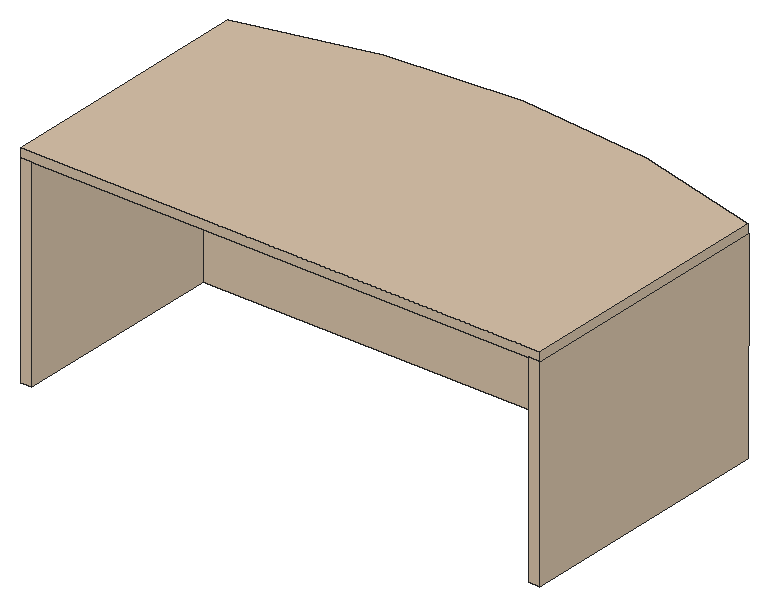
Revit family "Haworth_Masters_Desk_ShellBowFront", category Furniture Systems, Revit 2018
Family settings
  Round Connector Dimension = Use Diameter
  Part Type = Normal
  OmniClass Number = 23.40.70.14.64.21
  OmniClass Title = Systems Furniture
  Work Plane-Based = No
  Always vertical = Yes
  Cut with Voids When Loaded = No
  Shared = No
  Room Calculation Point = No
Parameters (values of type "36d 72w")
  Worksurface Finish [instance] = Haworth _ Wood _ White Oak
  Work Surface = yes
  Width = 72"
  Warranty = "http://www.haworth.com/resources/product-info/warranties"
  URL - Product = "http://www.haworth.com/products/desks/freestanding/masters-series"
  Sustainability Info = "https://www.haworth.com/company-info/sustainability"
  Standard Depths = "36 in."  # constant formula
  Panel Thickness = 3/4"  # constant formula
  Modesty Inset = 5 1/2"  # constant formula
  Model = "Haworth Masters"  # constant formula
  URL = "www.haworth.com"
  Size = "Verify Final Dim. w/ Haworth"  # constant formula
  Revision Number = "1"  # constant formula
  Min. Width = 66"  # constant formula
  Max. Width = 72"  # constant formula
  Manufacturer = "Haworth"  # constant formula
  End Panel Right = yes
  End Panel Left = yes
  Edge Finish [instance] = Haworth _ Wood _ White Oak
  Description = "Haworth - Masters - Desk Bow Top Shell - 36d 72w"
  Custom Size = not(or(Width = 66", Width = 72"))  # no
  Cabinet Finish [instance] = Haworth _ Wood _ White Oak
  Bow Radius = if(Width = 66", 93 47/64", 111")  # 111"
  Author = "Haworth (Alias)"  # constant formula
  Assembly Code = "E2020200"
  Actual Width = if(Width < Min. Width, Min. Width, if(Width > Max. Width, Max. Width, Width))  # 72"
  Actual Height = 29 1/8"  # constant formula
  Actual Depth = 36"  # constant formula
  Standard Widths = "66, 72 in."  # constant formula
Types (2): name | Width | Description | Bow Radius | Actual Width
  36d 66w | 66" | "Haworth - Masters - Desk Bow Top Shell - 36d 66w" | 93 47/64" | 66"
  36d 72w | 72" | "Haworth - Masters - Desk Bow Top Shell - 36d 72w" | 111" | 72"
Reference planes (in)
  plane 1 "Back": y = -10
  plane 2: z = 0
  plane 3 "Center L/R": x = 29.0625
  plane 4 "Top": z = 29.125
  plane 5 "Bottom of Top": z = 27.875
  plane 6 "Front": y = -46
  plane 7 "Left Side": x = -6.9375
  plane 8 "Right Side": x = 65.0625
  plane 9: x = 63.53125
  plane 10: x = -5.40625
  plane 11 "Modesty Front": y = -15.5
  plane 12 "Modesty Back": y = -16.25
  plane 13 "Center F/B": y = -28
  plane 14: y = -4
Forms (in)
  Extrusion 1, solid, material "Haworth _ Wood _ White Oak" <- "Worksurface Finish", visible <- "Work Surface"
    sketch origin (0, 0, 29.125) x (0, 1, 0) y (-1, 0, 0)
      loop
        line (-46, 6.9375) -> (-46, -65.0625) -> (-10, -65.0625)
        arc (-10, -65.0625) -> (-4, -29.0625) -> (-10, 6.9375) r 111
        line (-10, 6.9375) -> (-46, 6.9375)
    from 0 to -1.25
  Extrusion 2, solid, material "Haworth _ Wood _ White Oak" <- "Cabinet Finish"
    sketch origin (0, -5.5, 0) x (1, 0, 0) y (0, 1, 0)
      loop
        line (-5.40625, -10) -> (-5.40625, -10.75) -> (63.53125, -10.75) -> (63.53125, -10) -> (-5.40625, -10)
    from 0 to 27.875
  Extrusion 3, solid, material "Haworth _ Wood _ White Oak" <- "Cabinet Finish", visible <- "End Panel Right"
    sketch origin (71.0625, 20.31207, 48) x (0, 1, 0) y (0, 0, 1)
      loop
        line (-30.31207, -20.125) -> (-66.31207, -20.125) -> (-66.31207, -48) -> (-30.31207, -48) -> (-30.31207, -20.125)
    from -7.53125 to -6
  Extrusion 4, solid, material "Haworth _ Wood _ White Oak" <- "Cabinet Finish", visible <- "End Panel Left"
    sketch origin (-12.9375, 20.31207, 48) x (0, 1, 0) y (0, 0, -1)
      loop
        line (-30.31207, 20.125) -> (-30.31207, 48) -> (-66.31207, 48) -> (-66.31207, 20.125) -> (-30.31207, 20.125)
    from -7.53125 to -6
Lines and regions (in)
  Masking region 1, visible <- "Work Surface"
    outline origin (0, 0, 27.875) x (0, 1, 0) y (-1, 0, 0)
      loop
        line (-46, -65.0625) -> (-10, -65.0625)
        arc (-10, -65.0625) -> (-4, -29.0625) -> (-10, 6.9375) r 111
        line (-10, 6.9375) -> (-46, 6.9375) -> (-46, -65.0625)
  symbolic lines, style "Haworth Hidden", visible <- "End Panel Right", detail levels fine
    curve 1: line (63.53125, -46, 0) -> (63.53125, -10, 0)
  symbolic lines, style "Haworth Hidden", detail levels fine
    curve 2: line (-5.40625, -15.5, 0) -> (63.53125, -15.5, 0)
    curve 3: line (63.53125, -16.25, 0) -> (-5.40625, -16.25, 0)
  symbolic lines, style "Haworth Hidden", not visible, detail levels fine
    curve 4: line (63.53125, -15.5, 0) -> (63.53125, -16.25, 0)
  symbolic lines, style "Haworth Hidden", visible <- "End Panel Left", detail levels fine
    curve 5: line (-5.40625, -46, 0) -> (-5.40625, -10, 0)
  symbolic lines, visible <- "End Panel Left", detail levels fine
    curve 6: line (-5.40625, -10, 0) -> (-6.9375, -10, 0)
    curve 7: line (63.53125, -10, 0) -> (65.0625, -10, 0)
Dimensions and locks (in)
  "Actual Height": plane 4 "Top" to level
  "Actual Depth": plane 1 "Back" to plane 6 "Front"
  equal spacing: plane 7 "Left Side", plane 3 "Center L/R", plane 8 "Right Side"
  "Actual Width": plane 7 "Left Side" to plane 8 "Right Side"
  locked: plane 4 "Top" to plane 5 "Bottom of Top" at 1.25
  locked: plane 8 "Right Side" to plane 9 at 1.53125
  locked: plane 7 "Left Side" to plane 10 at 1.53125
  "Modesty Inset": plane 11 "Modesty Front" to plane 1 "Back"
  "Panel Thickness": plane 12 "Modesty Back" to plane 11 "Modesty Front"
  equal spacing: plane 1 "Back", plane 13 "Center F/B", plane 6 "Front"
  locked: plane 1 "Back" to plane 14 at 6
  "Bow Radius": radius of Extrusion 1 sketch curve
  "Bow Radius": radius of Masking region 1 sketch curve
  aligned and locked: level to plane 2
  aligned and locked: plane 6 "Front" to Extrusion 1 sketch curve
  aligned and locked: Extrusion 1 sketch curve to plane 8 "Right Side"
  aligned and locked: plane 9 to curve 1
  aligned and locked: Extrusion 3 to plane 9
  aligned and locked: plane 8 "Right Side" to Extrusion 3
  aligned and locked: Extrusion 4 to plane 7 "Left Side"
  aligned and locked: Extrusion 4 to plane 10
  aligned and locked: Extrusion 4 to plane 1 "Back"
  aligned and locked: Extrusion 3 to plane 1 "Back"
  aligned and locked: plane 10 to Extrusion 2
  aligned and locked: Extrusion 4 to plane 6 "Front"
  aligned and locked: Extrusion 3 to plane 6 "Front"
  aligned and locked: plane 11 "Modesty Front" to Extrusion 2
  aligned and locked: Extrusion 2 to plane 12 "Modesty Back"
  aligned and locked: plane 5 "Bottom of Top" to Extrusion 2
  aligned and locked: Extrusion 2 to plane 2
  aligned and locked: plane 9 to Extrusion 2
  aligned and locked: Extrusion 3 to plane 5 "Bottom of Top"
  aligned and locked: plane 5 "Bottom of Top" to Extrusion 4
  aligned and locked: Extrusion 1 to plane 5 "Bottom of Top"
  aligned and locked: Extrusion 1 to plane 4 "Top"
  aligned and locked: Extrusion 1 to plane 7 "Left Side"
  aligned and locked: Masking region 1 sketch curve to plane 7 "Left Side"
  aligned and locked: Masking region 1 sketch curve to plane 6 "Front"
  aligned and locked: plane 8 "Right Side" to Masking region 1 sketch curve
  aligned and locked: plane 1 "Back" to Masking region 1 sketch curve  (x2)
  aligned and locked: plane 1 "Back" to Extrusion 1 sketch curve  (x2)
  aligned and locked: Extrusion 3 sketch curve to plane 1 "Back"
  aligned and locked: Extrusion 3 sketch curve to plane 6 "Front"
  aligned and locked: plane 5 "Bottom of Top" to Extrusion 3 sketch curve
  aligned and locked: Extrusion 3 sketch curve to plane 2
  aligned and locked: Extrusion 4 sketch curve to plane 2
  aligned and locked: Extrusion 4 sketch curve to plane 6 "Front"
  aligned and locked: Extrusion 4 sketch curve to plane 1 "Back"
  aligned and locked: plane 5 "Bottom of Top" to Extrusion 4 sketch curve
  aligned and locked: plane 1 "Back" to curve 7
  aligned and locked: curve 6 to plane 1 "Back"
Automatic sketch dimensions
  Extrusion 2 sketch curve to plane 8 "Right Side" = 1 17/32"
  plane 1 "Back" to Extrusion 2 sketch curve = 5 1/2"
  plane 7 "Left Side" to Extrusion 2 sketch curve = 1 17/32"
  Extrusion 2 sketch curve to Extrusion 2 sketch curve = 3/4"
  Extrusion 1 sketch curve to plane 7 "Left Side" = 0"
  curve 6 to plane 7 "Left Side" = 0"
  curve 5 to plane 10 = 0"
  curve 4 to plane 9 = 0"
  curve 7 to plane 8 "Right Side" = 0"
  curve 5 to plane 6 "Front" = 0"
  curve 1 to plane 6 "Front" = 0"
  curve 4 to plane 12 "Modesty Back" = 0"
  curve 4 to plane 11 "Modesty Front" = 0"
